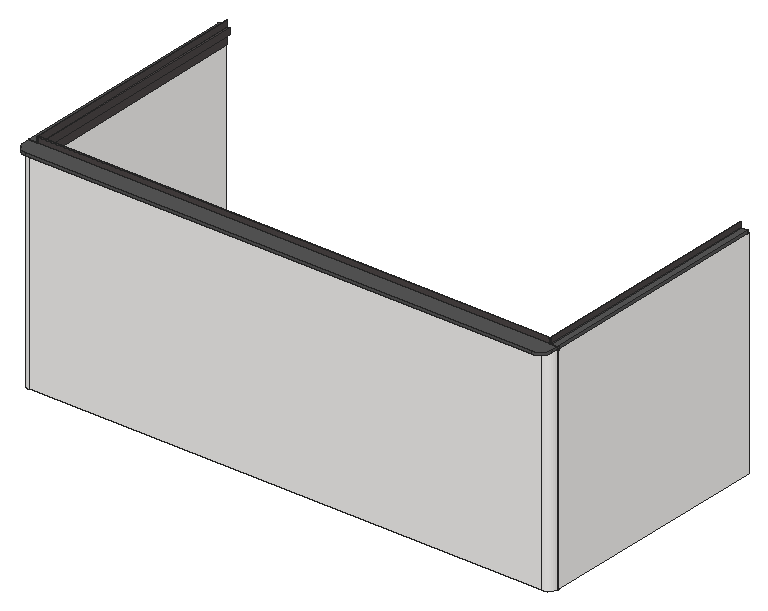
Revit family "vanity unit with 1 drawers for consoles with countertop basin ground", category Furniture, Revit 2019 (continued)
Definition of nested family "vanity unit 980_550 with 1 drawer for consoles with countertop basin ground-54061000-dark walnut-chrome-400_content"
  Parameters (values of type "Vanity unit 980_550 with 1 drawer for consoles with countertop basin ground-54061000-Dark Walnut-CHROME-400_Content")
    etim7_EC011381 = "EC011381"
    WEIGHT = "30.2"
    UNSPSC = "56 | Furniture and Furnishings"
    UNIFORMATII = "E2010 | Fixed Furnishings"
    UNICLASS_2015_CODE = "40_30_78_05"
    UNICLASS2015 = "Pr_40_30_78_05 | Bathroom furniture"
    SURFACE = "CHROME"
    REGIONSET = "Worldwide"
    PRODUCTURL = "https://pro.hansgrohe.com/articledetail--54061000"
    PRODUCTGROUP = "vanity unit"
    PRODUCTFAMILY = "Xelu Q"
    PERMALINK = "54061XXX"
    OMNICLASS = "23-21 19 15 33 13 | Residential Bathroom Specialty Casework"
    OBJECTTYPE = "Object (single object)"
    OBERFLAECHE = "Dark Walnut"
    NN = "Vanity Unit with 1 Drawers for consoles with countertop basin ground"
    NBSYN = "$BASENUMBER.-$ARTNR.-$OBERFLAECHE.-$SURFACE.-$LODLEVEL."
    NB = "Vanity unit 980/550 with 1 drawer for consoles with countertop basin ground-54061000-Dark Walnut-CHROME-400"
    NAME = "Xelu Q Vanity unit Dark Walnut 980/550 with 1 drawer for consoles with countertop basin ground"
    Model = "Vanity unit 980/550 with 1 drawer for consoles with countertop basin ground-54061000-Dark Walnut-CHROME-400"
    Manufacturer = "Hansgrohe"
    MASTERFORMAT = "12 35 30.23 | Bathroom Casework"
    LODLEVEL = "400"
    LINA = "Vanity unit 980/550 with 1 drawer for consoles with countertop basin ground-54061000-Dark Walnut-CHROME-400"
    L = 980
    IFC = "Furnishing element"
    GTINCODE = "4059625456125"
    ETIM = "EC011381 | Bathroom furniture set"
    Default Elevation = 1219.2 mm
    DESIGN = "Germany"
    ContentVisible [instance] = yes
    CATALOG = "Hansgrohe"
    BIMOBJECT = "Sanitary: Compound units"
    BASENUMBER = "Vanity unit 980/550 with 1 drawer for consoles with countertop basin ground"
    ARTNR = "54061000"
  Reference planes
    plane 1 "Center (Front/Back)": y = 0
    plane 2: z = 0
    plane 3 "Center (Left/Right)": x = 0
  Forms (mm)
    Extrusion 1, solid, visible <- "ContentVisible", detail levels medium+fine
      sketch origin (0, 0, 0) x (1, 0, 0) y (0, 1, 0)
        loop
          line (-490, 0) -> (-490, -527)
          arc (-490, -527) -> (-489.121, -529.121) -> (-487, -530) r 3
          line (-487, -530) -> (-474, -530) -> (-474, 0) -> (-490, 0)
      from 0 to 480
    Extrusion 2, solid, visible <- "ContentVisible", detail levels medium+fine
      sketch origin (0, 0, 0) x (1, 0, 0) y (0, 1, 0)
        loop
          line (-474, -133) -> (-474, -499.5) -> (474, -499.5) -> (474, -133) -> (-474, -133)
      from 0 to 16
    Extrusion 3, solid, visible <- "ContentVisible", detail levels medium+fine
      sketch origin (0, 0, 0) x (1, 0, 0) y (0, 1, 0)
        loop
          line (474, 0) -> (474, -530) -> (487, -530)
          arc (487, -530) -> (489.121, -529.121) -> (490, -527) r 3
          line (490, -527) -> (490, 0) -> (474, 0)
      from 0 to 480
    Extrusion 4, solid, visible <- "ContentVisible", detail levels medium+fine
      sketch origin (0, 0, 0) x (1, 0, 0) y (0, 1, 0)
        loop
          line (-474, -117) -> (-474, -133) -> (474, -133) -> (474, -117) -> (-474, -117)
      from 0 to 126
    Extrusion 5, solid, visible <- "ContentVisible", detail levels medium+fine
      sketch origin (0, 0, 2) x (1, 0, 0) y (0, 1, 0)
        loop
          line (-490, -530) -> (-490, -532)
          arc (-490, -532) -> (-484.435, -545.435) -> (-471, -551) r 19
          line (-471, -551) -> (471, -551)
          arc (471, -551) -> (484.435, -545.435) -> (490, -532) r 19
          line (490, -532) -> (490, -530) -> (-490, -530)
      from 0 to 478
    Extrusion 6, solid, visible <- "ContentVisible", detail levels medium+fine
      sketch origin (0, 0, 480) x (1, 0, 0) y (0, 1, 0)
        loop
          line (-488.5, -530) -> (-488.5, -546)
          arc (-488.5, -546) -> (-481.178, -563.678) -> (-463.5, -571) r 25
          line (-463.5, -571) -> (463.5, -571)
          arc (463.5, -571) -> (481.178, -563.678) -> (488.5, -546) r 25
          line (488.5, -546) -> (488.5, -530) -> (468.5, -530) -> (468.5, -528.5) -> (-468.5, -528.5) -> (-468.5, -530) -> (-488.5, -530)
      from 0 to 5
    Extrusion 7, solid, visible <- "ContentVisible", detail levels medium+fine
      sketch origin (0, 0, 0) x (0, 0, -1) y (0, 1, 0)
        loop
          line (-480, -528.5) -> (-480, -530) -> (-450, -530) -> (-450, -528.5) -> (-480, -528.5)
      from -468.5 to 468.5
    Extrusion 8, solid, visible <- "ContentVisible", detail levels medium+fine
      sketch origin (0, 0, 0) x (1, 0, 0) y (0, 0, -1)
        loop
          line (-474, -447) -> (-474, -485) -> (-472.5, -485) -> (-472.5, -447) -> (-474, -447)
      from -530 to 0
    Extrusion 9, solid, visible <- "ContentVisible", detail levels medium+fine
      sketch origin (0, 0, 0) x (1, 0, 0) y (0, 0, -1)
        loop
          line (472.5, -446.8) -> (472.5, -485) -> (474, -485) -> (474, -446.8) -> (472.5, -446.8)
      from -530 to 0
    Extrusion 10, solid, visible <- "ContentVisible", detail levels medium+fine
      sketch origin (0, 0, 480) x (1, 0, 0) y (0, 1, 0)
        loop
          line (-490, -3) -> (-490, -527)
          arc (-490, -527) -> (-489.121, -529.121) -> (-487, -530) r 3
          line (-487, -530) -> (-474, -530) -> (-474, 0) -> (-487, 0)
          arc (-487, 0) -> (-489.121, -0.879) -> (-490, -3) r 3
      from 0 to 5
    Extrusion 11, solid, visible <- "ContentVisible", detail levels medium+fine
      sketch origin (0, 0, 480) x (1, 0, 0) y (0, 1, 0)
        loop
          line (474, 0) -> (474, -530) -> (487, -530)
          arc (487, -530) -> (489.121, -529.121) -> (490, -527) r 3
          line (490, -527) -> (490, -3)
          arc (490, -3) -> (489.121, -0.879) -> (487, 0) r 3
          line (487, 0) -> (474, 0)
      from 0 to 5
    Extrusion 12, solid, visible <- "ContentVisible", detail levels medium+fine
      sketch origin (0, 0, 0) x (1, 0, 0) y (0, 0, -1)
        loop
          line (-472.5, -447) -> (-472.5, -496) -> (-471, -496) -> (-471, -483) -> (-466.4, -483) -> (-466.4, -468.5) -> (-471, -468.5) -> (-471, -447) -> (-472.5, -447)
      from -528.5 to 0
    Extrusion 13, solid, visible <- "ContentVisible", detail levels medium+fine
      sketch origin (0, 0, 0) x (1, 0, 0) y (0, 0, -1)
        loop
          line (466.4, -468.5) -> (466.4, -483) -> (471, -483) -> (471, -496) -> (472.5, -496) -> (472.5, -447) -> (471, -447) -> (471, -468.5) -> (466.4, -468.5)
      from -528.5 to 0
    Extrusion 14, solid, visible <- "ContentVisible", detail levels medium+fine
      sketch origin (0, 0, 0) x (0, 0, -1) y (0, 1, 0)
        loop
          line (-496, -528.5) -> (-447, -528.5) -> (-447, -527) -> (-468.5, -527) -> (-468.5, -522.4) -> (-483, -522.4) -> (-483, -527) -> (-496, -527) -> (-496, -528.5)
      from -472.5 to 472.5
    Extrusion 15, solid, visible <- "ContentVisible", detail levels medium+fine
      sketch origin (0, 0, 0) x (0, 0, -1) y (0, 1, 0)
        loop
          line (-440, -477) -> (-440, -493) -> (-366, -493) -> (-366, -477) -> (-440, -477)
      from -474 to 474
    Extrusion 16, solid, visible <- "ContentVisible", detail levels coarse
      sketch origin (0, -285.5, 0) x (1, 0, 0) y (0, 1, 0)
        loop
          line (-490, -285.5) -> (490, -285.5) -> (490, 285.5) -> (-490, 285.5) -> (-490, -285.5)
      from 0 to 496
  Dimensions and locks
    aligned and locked: level to plane 2
Definition of nested family "vanity unit 980_550 with 1 drawer for consoles with countertop basin ground-54061670-dark walnut-matt_black-200_content"
  Parameters (values of type "Vanity unit 980_550 with 1 drawer for consoles with countertop basin ground-54061670-Dark Walnut-MATT_BLACK-200_Content")
    etim7_EC011381 = "EC011381"
    WEIGHT = "30.2"
    UNSPSC = "56 | Furniture and Furnishings"
    UNIFORMATII = "E2010 | Fixed Furnishings"
    UNICLASS_2015_CODE = "40_30_78_05"
    UNICLASS2015 = "Pr_40_30_78_05 | Bathroom furniture"
    SURFACE = "MATT_BLACK"
    REGIONSET = "Worldwide"
    PRODUCTURL = "https://pro.hansgrohe.com/articledetail--54061000"
    PRODUCTGROUP = "vanity unit"
    PRODUCTFAMILY = "Xelu Q"
    PERMALINK = "54061XXX"
    OMNICLASS = "23-21 19 15 33 13 | Residential Bathroom Specialty Casework"
    OBJECTTYPE = "Object (single object)"
    OBERFLAECHE = "Dark Walnut"
    NN = "Vanity Unit with 1 Drawers for consoles with countertop basin ground"
    NBSYN = "$BASENUMBER.-$ARTNR.-$OBERFLAECHE.-$SURFACE.-$LODLEVEL."
    NB = "Vanity unit 980/550 with 1 drawer for consoles with countertop basin ground-54061670-Dark Walnut-MATT_BLACK-200"
    NAME = "Xelu Q Vanity unit Dark Walnut 980/550 with 1 drawer for consoles with countertop basin ground"
    Model = "Vanity unit 980/550 with 1 drawer for consoles with countertop basin ground-54061670-Dark Walnut-MATT_BLACK-200"
    Manufacturer = "Hansgrohe"
    MASTERFORMAT = "12 35 30.23 | Bathroom Casework"
    LODLEVEL = "200"
    LINA = "Vanity unit 980/550 with 1 drawer for consoles with countertop basin ground-54061670-Dark Walnut-MATT_BLACK-200"
    L = 980
    IFC = "Furnishing element"
    GTINCODE = "4059625456125"
    ETIM = "EC011381 | Bathroom furniture set"
    Default Elevation = 1219.2 mm
    DESIGN = "Germany"
    ContentVisible [instance] = yes
    CATALOG = "Hansgrohe"
    BIMOBJECT = "Sanitary: Compound units"
    BASENUMBER = "Vanity unit 980/550 with 1 drawer for consoles with countertop basin ground"
    ARTNR = "54061670"
  Reference planes
    plane 1 "Center (Front/Back)": y = 0
    plane 2: z = 0
    plane 3 "Center (Left/Right)": x = 0
  Forms (mm)
    Extrusion 1, solid, visible <- "ContentVisible", detail levels medium+fine
      sketch origin (0, 0, 0) x (1, 0, 0) y (0, 1, 0)
        loop
          line (-490, 0) -> (-490, -551) -> (490, -551) -> (490, 0) -> (474, 0) -> (474, -117) -> (-474, -117) -> (-474, 0) -> (-490, 0)
      from 0 to 480
    Extrusion 2, solid, visible <- "ContentVisible", detail levels medium+fine
      sketch origin (0, 0, 480) x (1, 0, 0) y (0, 1, 0)
        loop
          line (-488.5, -528.5) -> (-488.5, -571) -> (488.5, -571) -> (488.5, -528.5) -> (-488.5, -528.5)
      from 0 to 5
    Extrusion 3, solid, visible <- "ContentVisible", detail levels medium+fine
      sketch origin (0, 0, 0) x (1, 0, 0) y (0, 0, -1)
        loop
          line (-474, -447) -> (-474, -485) -> (-472.5, -485) -> (-472.5, -447) -> (-474, -447)
      from -530 to 0
    Extrusion 4, solid, visible <- "ContentVisible", detail levels medium+fine
      sketch origin (0, 0, 0) x (1, 0, 0) y (0, 0, -1)
        loop
          line (472.5, -446.8) -> (472.5, -485) -> (474, -485) -> (474, -446.8) -> (472.5, -446.8)
      from -530 to 0
    Extrusion 5, solid, visible <- "ContentVisible", detail levels medium+fine
      sketch origin (0, 0, 480) x (1, 0, 0) y (0, 1, 0)
        loop
          line (-490, 0) -> (-490, -530) -> (-474, -530) -> (-474, 0) -> (-490, 0)
      from 0 to 5
    Extrusion 6, solid, visible <- "ContentVisible", detail levels medium+fine
      sketch origin (0, 0, 480) x (1, 0, 0) y (0, 1, 0)
        loop
          line (474, 0) -> (474, -530) -> (490, -530) -> (490, 0) -> (474, 0)
      from 0 to 5
    Extrusion 7, solid, visible <- "ContentVisible", detail levels medium+fine
      sketch origin (0, 0, 0) x (1, 0, 0) y (0, 0, -1)
        loop
          line (-472.5, -447) -> (-472.5, -496) -> (-466.4, -496) -> (-466.4, -447) -> (-472.5, -447)
      from -528.5 to 0
    Extrusion 8, solid, visible <- "ContentVisible", detail levels medium+fine
      sketch origin (0, 0, 0) x (1, 0, 0) y (0, 0, -1)
        loop
          line (466.4, -447) -> (466.4, -496) -> (472.5, -496) -> (472.5, -447) -> (466.4, -447)
      from -528.5 to 0
    Extrusion 9, solid, visible <- "ContentVisible", detail levels medium+fine
      sketch origin (0, 0, 0) x (0, 0, -1) y (0, 1, 0)
        loop
          line (-496, -528.5) -> (-447, -528.5) -> (-447, -522.4) -> (-496, -522.4) -> (-496, -528.5)
      from -472.5 to 472.5
    Extrusion 10, solid, visible <- "ContentVisible", detail levels coarse
      sketch origin (0, -285.5, 0) x (1, 0, 0) y (0, 1, 0)
        loop
          line (-490, -285.5) -> (490, -285.5) -> (490, 285.5) -> (-490, 285.5) -> (-490, -285.5)
      from 0 to 496
  Dimensions and locks
    aligned and locked: level to plane 2
Definition of nested family "vanity unit 980_550 with 1 drawer for consoles with countertop basin ground-54061670-dark walnut-matt_black-400_content"
  Parameters (values of type "Vanity unit 980_550 with 1 drawer for consoles with countertop basin ground-54061670-Dark Walnut-MATT_BLACK-400_Content")
    etim7_EC011381 = "EC011381"
    WEIGHT = "30.2"
    UNSPSC = "56 | Furniture and Furnishings"
    UNIFORMATII = "E2010 | Fixed Furnishings"
    UNICLASS_2015_CODE = "40_30_78_05"
    UNICLASS2015 = "Pr_40_30_78_05 | Bathroom furniture"
    SURFACE = "MATT_BLACK"
    REGIONSET = "Worldwide"
    PRODUCTURL = "https://pro.hansgrohe.com/articledetail--54061000"
    PRODUCTGROUP = "vanity unit"
    PRODUCTFAMILY = "Xelu Q"
    PERMALINK = "54061XXX"
    OMNICLASS = "23-21 19 15 33 13 | Residential Bathroom Specialty Casework"
    OBJECTTYPE = "Object (single object)"
    OBERFLAECHE = "Dark Walnut"
    NN = "Vanity Unit with 1 Drawers for consoles with countertop basin ground"
    NBSYN = "$BASENUMBER.-$ARTNR.-$OBERFLAECHE.-$SURFACE.-$LODLEVEL."
    NB = "Vanity unit 980/550 with 1 drawer for consoles with countertop basin ground-54061670-Dark Walnut-MATT_BLACK-400"
    NAME = "Xelu Q Vanity unit Dark Walnut 980/550 with 1 drawer for consoles with countertop basin ground"
    Model = "Vanity unit 980/550 with 1 drawer for consoles with countertop basin ground-54061670-Dark Walnut-MATT_BLACK-400"
    Manufacturer = "Hansgrohe"
    MASTERFORMAT = "12 35 30.23 | Bathroom Casework"
    LODLEVEL = "400"
    LINA = "Vanity unit 980/550 with 1 drawer for consoles with countertop basin ground-54061670-Dark Walnut-MATT_BLACK-400"
    L = 980
    IFC = "Furnishing element"
    GTINCODE = "4059625456125"
    ETIM = "EC011381 | Bathroom furniture set"
    Default Elevation = 1219.2 mm
    DESIGN = "Germany"
    ContentVisible [instance] = yes
    CATALOG = "Hansgrohe"
    BIMOBJECT = "Sanitary: Compound units"
    BASENUMBER = "Vanity unit 980/550 with 1 drawer for consoles with countertop basin ground"
    ARTNR = "54061670"
  Reference planes
    plane 1 "Center (Front/Back)": y = 0
    plane 2: z = 0
    plane 3 "Center (Left/Right)": x = 0
  Forms (mm)
    Extrusion 1, solid, visible <- "ContentVisible", detail levels medium+fine
      sketch origin (0, 0, 0) x (1, 0, 0) y (0, 1, 0)
        loop
          line (-490, 0) -> (-490, -527)
          arc (-490, -527) -> (-489.121, -529.121) -> (-487, -530) r 3
          line (-487, -530) -> (-474, -530) -> (-474, 0) -> (-490, 0)
      from 0 to 480
    Extrusion 2, solid, visible <- "ContentVisible", detail levels medium+fine
      sketch origin (0, 0, 0) x (1, 0, 0) y (0, 1, 0)
        loop
          line (-474, -133) -> (-474, -499.5) -> (474, -499.5) -> (474, -133) -> (-474, -133)
      from 0 to 16
    Extrusion 3, solid, visible <- "ContentVisible", detail levels medium+fine
      sketch origin (0, 0, 0) x (1, 0, 0) y (0, 1, 0)
        loop
          line (474, 0) -> (474, -530) -> (487, -530)
          arc (487, -530) -> (489.121, -529.121) -> (490, -527) r 3
          line (490, -527) -> (490, 0) -> (474, 0)
      from 0 to 480
    Extrusion 4, solid, visible <- "ContentVisible", detail levels medium+fine
      sketch origin (0, 0, 0) x (1, 0, 0) y (0, 1, 0)
        loop
          line (-474, -117) -> (-474, -133) -> (474, -133) -> (474, -117) -> (-474, -117)
      from 0 to 126
    Extrusion 5, solid, visible <- "ContentVisible", detail levels medium+fine
      sketch origin (0, 0, 2) x (1, 0, 0) y (0, 1, 0)
        loop
          line (-490, -530) -> (-490, -532)
          arc (-490, -532) -> (-484.435, -545.435) -> (-471, -551) r 19
          line (-471, -551) -> (471, -551)
          arc (471, -551) -> (484.435, -545.435) -> (490, -532) r 19
          line (490, -532) -> (490, -530) -> (-490, -530)
      from 0 to 478
    Extrusion 6, solid, visible <- "ContentVisible", detail levels medium+fine
      sketch origin (0, 0, 480) x (1, 0, 0) y (0, 1, 0)
        loop
          line (-488.5, -530) -> (-488.5, -546)
          arc (-488.5, -546) -> (-481.178, -563.678) -> (-463.5, -571) r 25
          line (-463.5, -571) -> (463.5, -571)
          arc (463.5, -571) -> (481.178, -563.678) -> (488.5, -546) r 25
          line (488.5, -546) -> (488.5, -530) -> (468.5, -530) -> (468.5, -528.5) -> (-468.5, -528.5) -> (-468.5, -530) -> (-488.5, -530)
      from 0 to 5
    Extrusion 7, solid, visible <- "ContentVisible", detail levels medium+fine
      sketch origin (0, 0, 0) x (0, 0, -1) y (0, 1, 0)
        loop
          line (-480, -528.5) -> (-480, -530) -> (-450, -530) -> (-450, -528.5) -> (-480, -528.5)
      from -468.5 to 468.5
    Extrusion 8, solid, visible <- "ContentVisible", detail levels medium+fine
      sketch origin (0, 0, 0) x (1, 0, 0) y (0, 0, -1)
        loop
          line (-474, -447) -> (-474, -485) -> (-472.5, -485) -> (-472.5, -447) -> (-474, -447)
      from -530 to 0
    Extrusion 9, solid, visible <- "ContentVisible", detail levels medium+fine
      sketch origin (0, 0, 0) x (1, 0, 0) y (0, 0, -1)
        loop
          line (472.5, -446.8) -> (472.5, -485) -> (474, -485) -> (474, -446.8) -> (472.5, -446.8)
      from -530 to 0
    Extrusion 10, solid, visible <- "ContentVisible", detail levels medium+fine
      sketch origin (0, 0, 480) x (1, 0, 0) y (0, 1, 0)
        loop
          line (-490, -3) -> (-490, -527)
          arc (-490, -527) -> (-489.121, -529.121) -> (-487, -530) r 3
          line (-487, -530) -> (-474, -530) -> (-474, 0) -> (-487, 0)
          arc (-487, 0) -> (-489.121, -0.879) -> (-490, -3) r 3
      from 0 to 5
    Extrusion 11, solid, visible <- "ContentVisible", detail levels medium+fine
      sketch origin (0, 0, 480) x (1, 0, 0) y (0, 1, 0)
        loop
          line (474, 0) -> (474, -530) -> (487, -530)
          arc (487, -530) -> (489.121, -529.121) -> (490, -527) r 3
          line (490, -527) -> (490, -3)
          arc (490, -3) -> (489.121, -0.879) -> (487, 0) r 3
          line (487, 0) -> (474, 0)
      from 0 to 5
    Extrusion 12, solid, visible <- "ContentVisible", detail levels medium+fine
      sketch origin (0, 0, 0) x (1, 0, 0) y (0, 0, -1)
        loop
          line (-472.5, -447) -> (-472.5, -496) -> (-471, -496) -> (-471, -483) -> (-466.4, -483) -> (-466.4, -468.5) -> (-471, -468.5) -> (-471, -447) -> (-472.5, -447)
      from -528.5 to 0
    Extrusion 13, solid, visible <- "ContentVisible", detail levels medium+fine
      sketch origin (0, 0, 0) x (1, 0, 0) y (0, 0, -1)
        loop
          line (466.4, -468.5) -> (466.4, -483) -> (471, -483) -> (471, -496) -> (472.5, -496) -> (472.5, -447) -> (471, -447) -> (471, -468.5) -> (466.4, -468.5)
      from -528.5 to 0
    Extrusion 14, solid, visible <- "ContentVisible", detail levels medium+fine
      sketch origin (0, 0, 0) x (0, 0, -1) y (0, 1, 0)
        loop
          line (-496, -528.5) -> (-447, -528.5) -> (-447, -527) -> (-468.5, -527) -> (-468.5, -522.4) -> (-483, -522.4) -> (-483, -527) -> (-496, -527) -> (-496, -528.5)
      from -472.5 to 472.5
    Extrusion 15, solid, visible <- "ContentVisible", detail levels medium+fine
      sketch origin (0, 0, 0) x (0, 0, -1) y (0, 1, 0)
        loop
          line (-440, -477) -> (-440, -493) -> (-366, -493) -> (-366, -477) -> (-440, -477)
      from -474 to 474
    Extrusion 16, solid, visible <- "ContentVisible", detail levels coarse
      sketch origin (0, -285.5, 0) x (1, 0, 0) y (0, 1, 0)
        loop
          line (-490, -285.5) -> (490, -285.5) -> (490, 285.5) -> (-490, 285.5) -> (-490, -285.5)
      from 0 to 496
  Dimensions and locks
    aligned and locked: level to plane 2
Definition of nested family "vanity unit 980_550 with 1 drawer for consoles with countertop basin ground-54061700-dark walnut-matt_white-200_content"
  Parameters (values of type "Vanity unit 980_550 with 1 drawer for consoles with countertop basin ground-54061700-Dark Walnut-MATT_WHITE-200_Content")
    etim7_EC011381 = "EC011381"
    WEIGHT = "30.2"
    UNSPSC = "56 | Furniture and Furnishings"
    UNIFORMATII = "E2010 | Fixed Furnishings"
    UNICLASS_2015_CODE = "40_30_78_05"
    UNICLASS2015 = "Pr_40_30_78_05 | Bathroom furniture"
    SURFACE = "MATT_WHITE"
    REGIONSET = "Worldwide"
    PRODUCTURL = "https://pro.hansgrohe.com/articledetail--54061000"
    PRODUCTGROUP = "vanity unit"
    PRODUCTFAMILY = "Xelu Q"
    PERMALINK = "54061XXX"
    OMNICLASS = "23-21 19 15 33 13 | Residential Bathroom Specialty Casework"
    OBJECTTYPE = "Object (single object)"
    OBERFLAECHE = "Dark Walnut"
    NN = "Vanity Unit with 1 Drawers for consoles with countertop basin ground"
    NBSYN = "$BASENUMBER.-$ARTNR.-$OBERFLAECHE.-$SURFACE.-$LODLEVEL."
    NB = "Vanity unit 980/550 with 1 drawer for consoles with countertop basin ground-54061700-Dark Walnut-MATT_WHITE-200"
    NAME = "Xelu Q Vanity unit Dark Walnut 980/550 with 1 drawer for consoles with countertop basin ground"
    Model = "Vanity unit 980/550 with 1 drawer for consoles with countertop basin ground-54061700-Dark Walnut-MATT_WHITE-200"
    Manufacturer = "Hansgrohe"
    MASTERFORMAT = "12 35 30.23 | Bathroom Casework"
    LODLEVEL = "200"
    LINA = "Vanity unit 980/550 with 1 drawer for consoles with countertop basin ground-54061700-Dark Walnut-MATT_WHITE-200"
    L = 980
    IFC = "Furnishing element"
    GTINCODE = "4059625456125"
    ETIM = "EC011381 | Bathroom furniture set"
    Default Elevation = 1219.2 mm
    DESIGN = "Germany"
    ContentVisible [instance] = yes
    CATALOG = "Hansgrohe"
    BIMOBJECT = "Sanitary: Compound units"
    BASENUMBER = "Vanity unit 980/550 with 1 drawer for consoles with countertop basin ground"
    ARTNR = "54061700"
  Reference planes
    plane 1 "Center (Front/Back)": y = 0
    plane 2: z = 0
    plane 3 "Center (Left/Right)": x = 0
  Forms (mm)
    Extrusion 1, solid, visible <- "ContentVisible", detail levels medium+fine
      sketch origin (0, 0, 0) x (1, 0, 0) y (0, 1, 0)
        loop
          line (-490, 0) -> (-490, -551) -> (490, -551) -> (490, 0) -> (474, 0) -> (474, -117) -> (-474, -117) -> (-474, 0) -> (-490, 0)
      from 0 to 480
    Extrusion 2, solid, visible <- "ContentVisible", detail levels medium+fine
      sketch origin (0, 0, 480) x (1, 0, 0) y (0, 1, 0)
        loop
          line (-488.5, -528.5) -> (-488.5, -571) -> (488.5, -571) -> (488.5, -528.5) -> (-488.5, -528.5)
      from 0 to 5
    Extrusion 3, solid, visible <- "ContentVisible", detail levels medium+fine
      sketch origin (0, 0, 0) x (1, 0, 0) y (0, 0, -1)
        loop
          line (-474, -447) -> (-474, -485) -> (-472.5, -485) -> (-472.5, -447) -> (-474, -447)
      from -530 to 0
    Extrusion 4, solid, visible <- "ContentVisible", detail levels medium+fine
      sketch origin (0, 0, 0) x (1, 0, 0) y (0, 0, -1)
        loop
          line (472.5, -446.8) -> (472.5, -485) -> (474, -485) -> (474, -446.8) -> (472.5, -446.8)
      from -530 to 0
    Extrusion 5, solid, visible <- "ContentVisible", detail levels medium+fine
      sketch origin (0, 0, 480) x (1, 0, 0) y (0, 1, 0)
        loop
          line (-490, 0) -> (-490, -530) -> (-474, -530) -> (-474, 0) -> (-490, 0)
      from 0 to 5
    Extrusion 6, solid, visible <- "ContentVisible", detail levels medium+fine
      sketch origin (0, 0, 480) x (1, 0, 0) y (0, 1, 0)
        loop
          line (474, 0) -> (474, -530) -> (490, -530) -> (490, 0) -> (474, 0)
      from 0 to 5
    Extrusion 7, solid, visible <- "ContentVisible", detail levels medium+fine
      sketch origin (0, 0, 0) x (1, 0, 0) y (0, 0, -1)
        loop
          line (-472.5, -447) -> (-472.5, -496) -> (-466.4, -496) -> (-466.4, -447) -> (-472.5, -447)
      from -528.5 to 0
    Extrusion 8, solid, visible <- "ContentVisible", detail levels medium+fine
      sketch origin (0, 0, 0) x (1, 0, 0) y (0, 0, -1)
        loop
          line (466.4, -447) -> (466.4, -496) -> (472.5, -496) -> (472.5, -447) -> (466.4, -447)
      from -528.5 to 0
    Extrusion 9, solid, visible <- "ContentVisible", detail levels medium+fine
      sketch origin (0, 0, 0) x (0, 0, -1) y (0, 1, 0)
        loop
          line (-496, -528.5) -> (-447, -528.5) -> (-447, -522.4) -> (-496, -522.4) -> (-496, -528.5)
      from -472.5 to 472.5
    Extrusion 10, solid, visible <- "ContentVisible", detail levels coarse
      sketch origin (0, -285.5, 0) x (1, 0, 0) y (0, 1, 0)
        loop
          line (-490, -285.5) -> (490, -285.5) -> (490, 285.5) -> (-490, 285.5) -> (-490, -285.5)
      from 0 to 496
  Dimensions and locks
    aligned and locked: level to plane 2
Definition of nested family "vanity unit 980_550 with 1 drawer for consoles with countertop basin ground-54061700-dark walnut-matt_white-400_content"
  Parameters (values of type "Vanity unit 980_550 with 1 drawer for consoles with countertop basin ground-54061700-Dark Walnut-MATT_WHITE-400_Content")
    etim7_EC011381 = "EC011381"
    WEIGHT = "30.2"
    UNSPSC = "56 | Furniture and Furnishings"
    UNIFORMATII = "E2010 | Fixed Furnishings"
    UNICLASS_2015_CODE = "40_30_78_05"
    UNICLASS2015 = "Pr_40_30_78_05 | Bathroom furniture"
    SURFACE = "MATT_WHITE"
    REGIONSET = "Worldwide"
    PRODUCTURL = "https://pro.hansgrohe.com/articledetail--54061000"
    PRODUCTGROUP = "vanity unit"
    PRODUCTFAMILY = "Xelu Q"
    PERMALINK = "54061XXX"
    OMNICLASS = "23-21 19 15 33 13 | Residential Bathroom Specialty Casework"
    OBJECTTYPE = "Object (single object)"
    OBERFLAECHE = "Dark Walnut"
    NN = "Vanity Unit with 1 Drawers for consoles with countertop basin ground"
    NBSYN = "$BASENUMBER.-$ARTNR.-$OBERFLAECHE.-$SURFACE.-$LODLEVEL."
    NB = "Vanity unit 980/550 with 1 drawer for consoles with countertop basin ground-54061700-Dark Walnut-MATT_WHITE-400"
    NAME = "Xelu Q Vanity unit Dark Walnut 980/550 with 1 drawer for consoles with countertop basin ground"
    Model = "Vanity unit 980/550 with 1 drawer for consoles with countertop basin ground-54061700-Dark Walnut-MATT_WHITE-400"
    Manufacturer = "Hansgrohe"
    MASTERFORMAT = "12 35 30.23 | Bathroom Casework"
    LODLEVEL = "400"
    LINA = "Vanity unit 980/550 with 1 drawer for consoles with countertop basin ground-54061700-Dark Walnut-MATT_WHITE-400"
    L = 980
    IFC = "Furnishing element"
    GTINCODE = "4059625456125"
    ETIM = "EC011381 | Bathroom furniture set"
    Default Elevation = 1219.2 mm
    DESIGN = "Germany"
    ContentVisible [instance] = yes
    CATALOG = "Hansgrohe"
    BIMOBJECT = "Sanitary: Compound units"
    BASENUMBER = "Vanity unit 980/550 with 1 drawer for consoles with countertop basin ground"
    ARTNR = "54061700"
  Reference planes
    plane 1 "Center (Front/Back)": y = 0
    plane 2: z = 0
    plane 3 "Center (Left/Right)": x = 0
  Forms (mm)
    Extrusion 1, solid, visible <- "ContentVisible", detail levels medium+fine
      sketch origin (0, 0, 0) x (1, 0, 0) y (0, 1, 0)
        loop
          line (-490, 0) -> (-490, -527)
          arc (-490, -527) -> (-489.121, -529.121) -> (-487, -530) r 3
          line (-487, -530) -> (-474, -530) -> (-474, 0) -> (-490, 0)
      from 0 to 480
    Extrusion 2, solid, visible <- "ContentVisible", detail levels medium+fine
      sketch origin (0, 0, 0) x (1, 0, 0) y (0, 1, 0)
        loop
          line (-474, -133) -> (-474, -499.5) -> (474, -499.5) -> (474, -133) -> (-474, -133)
      from 0 to 16
    Extrusion 3, solid, visible <- "ContentVisible", detail levels medium+fine
      sketch origin (0, 0, 0) x (1, 0, 0) y (0, 1, 0)
        loop
          line (474, 0) -> (474, -530) -> (487, -530)
          arc (487, -530) -> (489.121, -529.121) -> (490, -527) r 3
          line (490, -527) -> (490, 0) -> (474, 0)
      from 0 to 480
    Extrusion 4, solid, visible <- "ContentVisible", detail levels medium+fine
      sketch origin (0, 0, 0) x (1, 0, 0) y (0, 1, 0)
        loop
          line (-474, -117) -> (-474, -133) -> (474, -133) -> (474, -117) -> (-474, -117)
      from 0 to 126
    Extrusion 5, solid, visible <- "ContentVisible", detail levels medium+fine
      sketch origin (0, 0, 2) x (1, 0, 0) y (0, 1, 0)
        loop
          line (-490, -530) -> (-490, -532)
          arc (-490, -532) -> (-484.435, -545.435) -> (-471, -551) r 19
          line (-471, -551) -> (471, -551)
          arc (471, -551) -> (484.435, -545.435) -> (490, -532) r 19
          line (490, -532) -> (490, -530) -> (-490, -530)
      from 0 to 478
    Extrusion 6, solid, visible <- "ContentVisible", detail levels medium+fine
      sketch origin (0, 0, 480) x (1, 0, 0) y (0, 1, 0)
        loop
          line (-488.5, -530) -> (-488.5, -546)
          arc (-488.5, -546) -> (-481.178, -563.678) -> (-463.5, -571) r 25
          line (-463.5, -571) -> (463.5, -571)
          arc (463.5, -571) -> (481.178, -563.678) -> (488.5, -546) r 25
          line (488.5, -546) -> (488.5, -530) -> (468.5, -530) -> (468.5, -528.5) -> (-468.5, -528.5) -> (-468.5, -530) -> (-488.5, -530)
      from 0 to 5
    Extrusion 7, solid, visible <- "ContentVisible", detail levels medium+fine
      sketch origin (0, 0, 0) x (0, 0, -1) y (0, 1, 0)
        loop
          line (-480, -528.5) -> (-480, -530) -> (-450, -530) -> (-450, -528.5) -> (-480, -528.5)
      from -468.5 to 468.5
    Extrusion 8, solid, visible <- "ContentVisible", detail levels medium+fine
      sketch origin (0, 0, 0) x (1, 0, 0) y (0, 0, -1)
        loop
          line (-474, -447) -> (-474, -485) -> (-472.5, -485) -> (-472.5, -447) -> (-474, -447)
      from -530 to 0
    Extrusion 9, solid, visible <- "ContentVisible", detail levels medium+fine
      sketch origin (0, 0, 0) x (1, 0, 0) y (0, 0, -1)
        loop
          line (472.5, -446.8) -> (472.5, -485) -> (474, -485) -> (474, -446.8) -> (472.5, -446.8)
      from -530 to 0
    Extrusion 10, solid, visible <- "ContentVisible", detail levels medium+fine
      sketch origin (0, 0, 480) x (1, 0, 0) y (0, 1, 0)
        loop
          line (-490, -3) -> (-490, -527)
          arc (-490, -527) -> (-489.121, -529.121) -> (-487, -530) r 3
          line (-487, -530) -> (-474, -530) -> (-474, 0) -> (-487, 0)
          arc (-487, 0) -> (-489.121, -0.879) -> (-490, -3) r 3
      from 0 to 5
    Extrusion 11, solid, visible <- "ContentVisible", detail levels medium+fine
      sketch origin (0, 0, 480) x (1, 0, 0) y (0, 1, 0)
        loop
          line (474, 0) -> (474, -530) -> (487, -530)
          arc (487, -530) -> (489.121, -529.121) -> (490, -527) r 3
          line (490, -527) -> (490, -3)
          arc (490, -3) -> (489.121, -0.879) -> (487, 0) r 3
          line (487, 0) -> (474, 0)
      from 0 to 5
    Extrusion 12, solid, visible <- "ContentVisible", detail levels medium+fine
      sketch origin (0, 0, 0) x (1, 0, 0) y (0, 0, -1)
        loop
          line (-472.5, -447) -> (-472.5, -496) -> (-471, -496) -> (-471, -483) -> (-466.4, -483) -> (-466.4, -468.5) -> (-471, -468.5) -> (-471, -447) -> (-472.5, -447)
      from -528.5 to 0
    Extrusion 13, solid, visible <- "ContentVisible", detail levels medium+fine
      sketch origin (0, 0, 0) x (1, 0, 0) y (0, 0, -1)
        loop
          line (466.4, -468.5) -> (466.4, -483) -> (471, -483) -> (471, -496) -> (472.5, -496) -> (472.5, -447) -> (471, -447) -> (471, -468.5) -> (466.4, -468.5)
      from -528.5 to 0
    Extrusion 14, solid, visible <- "ContentVisible", detail levels medium+fine
      sketch origin (0, 0, 0) x (0, 0, -1) y (0, 1, 0)
        loop
          line (-496, -528.5) -> (-447, -528.5) -> (-447, -527) -> (-468.5, -527) -> (-468.5, -522.4) -> (-483, -522.4) -> (-483, -527) -> (-496, -527) -> (-496, -528.5)
      from -472.5 to 472.5
    Extrusion 15, solid, visible <- "ContentVisible", detail levels medium+fine
      sketch origin (0, 0, 0) x (0, 0, -1) y (0, 1, 0)
        loop
          line (-440, -477) -> (-440, -493) -> (-366, -493) -> (-366, -477) -> (-440, -477)
      from -474 to 474
    Extrusion 16, solid, visible <- "ContentVisible", detail levels coarse
      sketch origin (0, -285.5, 0) x (1, 0, 0) y (0, 1, 0)
        loop
          line (-490, -285.5) -> (490, -285.5) -> (490, 285.5) -> (-490, 285.5) -> (-490, -285.5)
      from 0 to 496
  Dimensions and locks
    aligned and locked: level to plane 2
Types (72, lengths in mm): name | WEIGHT | Vanity unit 980_550 with 1 drawer for consoles with countertop basin ground-54061700-Dark Walnut-MATT_WHITE-400_RX0RY0RZ0TX0TY0TZ0_V | Vanity unit 980_550 with 1 drawer for consoles with countertop basin ground-54061700-Dark Walnut-MATT_WHITE-200_RX0RY0RZ0TX0TY0TZ0_V | Vanity unit 980_550 with 1 drawer for consoles with countertop basin ground-54061670-Dark Walnut-MATT_BLACK-400_RX0RY0RZ0TX0TY0TZ0_V | Vanity unit 980_550 with 1 drawer for consoles with countertop basin ground-54061670-Dark Walnut-MATT_BLACK-200_RX0RY0RZ0TX0TY0TZ0_V | Vanity unit 980_550 with 1 drawer for consoles with countertop basin ground-54061000-Dark Walnut-CHROME-400_RX0RY0RZ0TX0TY0TZ0_V | Vanity unit 980_550 with 1 drawer for consoles with countertop basin ground-54061000-Dark Walnut-CHROME-200_RX0RY0RZ0TX0TY0TZ0_V | Vanity unit 980_550 with 1 drawer for consoles with countertop basin ground-54060700-Natural Oak-MATT_WHITE-400_RX0RY0RZ0TX0TY0TZ0_V | Vanity unit 980_550 with 1 drawer for consoles with countertop basin ground-54060700-Natural Oak-MATT_WHITE-200_RX0RY0RZ0TX0TY0TZ0_V | Vanity unit 980_550 with 1 drawer for consoles with countertop basin ground-54060670-Natural Oak-MATT_BLACK-400_RX0RY0RZ0TX0TY0TZ0_V | Vanity unit 980_550 with 1 drawer for consoles with countertop basin ground-54060670-Natural Oak-MATT_BLACK-200_RX0RY0RZ0TX0TY0TZ0_V | Vanity unit 980_550 with 1 drawer for consoles with countertop basin ground-54060000-Natural Oak-CHROME-400_RX0RY0RZ0TX0TY0TZ0_V | Vanity unit 980_550 with 1 drawer for consoles with countertop basin ground-54060000-Natural Oak-CHROME-200_RX0RY0RZ0TX0TY0TZ0_V | Vanity unit 980_550 with 1 drawer for consoles with countertop basin ground-54059700-Diamond Matt Grey-MATT_WHITE-400_RX0RY0RZ0TX0TY0TZ0_V | Vanity unit 980_550 with 1 drawer for consoles with countertop basin ground-54059700-Diamond Matt Grey-MATT_WHITE-200_RX0RY0RZ0TX0TY0TZ0_V | Vanity unit 980_550 with 1 drawer for consoles with countertop basin ground-54059670-Diamond Matt Grey-MATT_BLACK-400_RX0RY0RZ0TX0TY0TZ0_V | Vanity unit 980_550 with 1 drawer for consoles with countertop basin ground-54059670-Diamond Matt Grey-MATT_BLACK-200_RX0RY0RZ0TX0TY0TZ0_V | Vanity unit 980_550 with 1 drawer for consoles with countertop basin ground-54059000-Diamond Matt Grey-CHROME-400_RX0RY0RZ0TX0TY0TZ0_V | Vanity unit 980_550 with 1 drawer for consoles with countertop basin ground-54059000-Diamond Matt Grey-CHROME-200_RX0RY0RZ0TX0TY0TZ0_V | Vanity unit 980_550 with 1 drawer for consoles with countertop basin ground-54058700-High Gloss White-MATT_WHITE-400_RX0RY0RZ0TX0TY0TZ0_V | Vanity unit 980_550 with 1 drawer for consoles with countertop basin ground-54058700-High Gloss White-MATT_WHITE-200_RX0RY0RZ0TX0TY0TZ0_V | Vanity unit 980_550 with 1 drawer for consoles with countertop basin ground-54058670-High Gloss White-MATT_BLACK-400_RX0RY0RZ0TX0TY0TZ0_V | Vanity unit 980_550 with 1 drawer for consoles with countertop basin ground-54058670-High Gloss White-MATT_BLACK-200_RX0RY0RZ0TX0TY0TZ0_V | Vanity unit 980_550 with 1 drawer for consoles with countertop basin ground-54058000-High Gloss White-CHROME-400_RX0RY0RZ0TX0TY0TZ0_V | Vanity unit 980_550 with 1 drawer for consoles with countertop basin ground-54058000-High Gloss White-CHROME-200_RX0RY0RZ0TX0TY0TZ0_V | Vanity unit 780_550 with 1 drawer for consoles with countertop basin ground-54057700-Dark Walnut-MATT_WHITE-400_RX0RY0RZ0TX0TY0TZ0_V | Vanity unit 780_550 with 1 drawer for consoles with countertop basin ground-54057700-Dark Walnut-MATT_WHITE-200_RX0RY0RZ0TX0TY0TZ0_V | Vanity unit 780_550 with 1 drawer for consoles with countertop basin ground-54057670-Dark Walnut-MATT_BLACK-400_RX0RY0RZ0TX0TY0TZ0_V | Vanity unit 780_550 with 1 drawer for consoles with countertop basin ground-54057670-Dark Walnut-MATT_BLACK-200_RX0RY0RZ0TX0TY0TZ0_V | Vanity unit 780_550 with 1 drawer for consoles with countertop basin ground-54057000-Dark Walnut-CHROME-400_RX0RY0RZ0TX0TY0TZ0_V | Vanity unit 780_550 with 1 drawer for consoles with countertop basin ground-54057000-Dark Walnut-CHROME-200_RX0RY0RZ0TX0TY0TZ0_V | Vanity unit 780_550 with 1 drawer for consoles with countertop basin ground-54056700-Natural Oak-MATT_WHITE-400_RX0RY0RZ0TX0TY0TZ0_V | Vanity unit 780_550 with 1 drawer for consoles with countertop basin ground-54056700-Natural Oak-MATT_WHITE-200_RX0RY0RZ0TX0TY0TZ0_V | Vanity unit 780_550 with 1 drawer for consoles with countertop basin ground-54056670-Natural Oak-MATT_BLACK-400_RX0RY0RZ0TX0TY0TZ0_V | Vanity unit 780_550 with 1 drawer for consoles with countertop basin ground-54056670-Natural Oak-MATT_BLACK-200_RX0RY0RZ0TX0TY0TZ0_V | Vanity unit 780_550 with 1 drawer for consoles with countertop basin ground-54056000-Natural Oak-CHROME-400_RX0RY0RZ0TX0TY0TZ0_V | Vanity unit 780_550 with 1 drawer for consoles with countertop basin ground-54056000-Natural Oak-CHROME-200_RX0RY0RZ0TX0TY0TZ0_V | Vanity unit 780_550 with 1 drawer for consoles with countertop basin ground-54055700-Diamond Matt Grey-MATT_WHITE-400_RX0RY0RZ0TX0TY0TZ0_V | Vanity unit 780_550 with 1 drawer for consoles with countertop basin ground-54055700-Diamond Matt Grey-MATT_WHITE-200_RX0RY0RZ0TX0TY0TZ0_V | Vanity unit 780_550 with 1 drawer for consoles with countertop basin ground-54055670-Diamond Matt Grey-MATT_BLACK-400_RX0RY0RZ0TX0TY0TZ0_V | Vanity unit 780_550 with 1 drawer for consoles with countertop basin ground-54055670-Diamond Matt Grey-MATT_BLACK-200_RX0RY0RZ0TX0TY0TZ0_V | Vanity unit 780_550 with 1 drawer for consoles with countertop basin ground-54055000-Diamond Matt Grey-CHROME-400_RX0RY0RZ0TX0TY0TZ0_V | Vanity unit 780_550 with 1 drawer for consoles with countertop basin ground-54055000-Diamond Matt Grey-CHROME-200_RX0RY0RZ0TX0TY0TZ0_V | Vanity unit 780_550 with 1 drawer for consoles with countertop basin ground-54054700-High Gloss White-MATT_WHITE-400_RX0RY0RZ0TX0TY0TZ0_V | Vanity unit 780_550 with 1 drawer for consoles with countertop basin ground-54054700-High Gloss White-MATT_WHITE-200_RX0RY0RZ0TX0TY0TZ0_V | Vanity unit 780_550 with 1 drawer for consoles with countertop basin ground-54054670-High Gloss White-MATT_BLACK-400_RX0RY0RZ0TX0TY0TZ0_V | Vanity unit 780_550 with 1 drawer for consoles with countertop basin ground-54054670-High Gloss White-MATT_BLACK-200_RX0RY0RZ0TX0TY0TZ0_V | Vanity unit 780_550 with 1 drawer for consoles with countertop basin ground-54054000-High Gloss White-CHROME-400_RX0RY0RZ0TX0TY0TZ0_V | Vanity unit 780_550 with 1 drawer for consoles with countertop basin ground-54054000-High Gloss White-CHROME-200_RX0RY0RZ0TX0TY0TZ0_V | Vanity unit 1180_550 with 1 drawer for consoles with countertop basin ground-54065700-Dark Walnut-MATT_WHITE-400_RX0RY0RZ0TX0TY0TZ0_V | Vanity unit 1180_550 with 1 drawer for consoles with countertop basin ground-54065700-Dark Walnut-MATT_WHITE-200_RX0RY0RZ0TX0TY0TZ0_V | Vanity unit 1180_550 with 1 drawer for consoles with countertop basin ground-54065670-Dark Walnut-MATT_BLACK-400_RX0RY0RZ0TX0TY0TZ0_V | Vanity unit 1180_550 with 1 drawer for consoles with countertop basin ground-54065670-Dark Walnut-MATT_BLACK-200_RX0RY0RZ0TX0TY0TZ0_V | Vanity unit 1180_550 with 1 drawer for consoles with countertop basin ground-54065000-Dark Walnut-CHROME-400_RX0RY0RZ0TX0TY0TZ0_V | Vanity unit 1180_550 with 1 drawer for consoles with countertop basin ground-54065000-Dark Walnut-CHROME-200_RX0RY0RZ0TX0TY0TZ0_V | Vanity unit 1180_550 with 1 drawer for consoles with countertop basin ground-54064700-Natural Oak-MATT_WHITE-400_RX0RY0RZ0TX0TY0TZ0_V | Vanity unit 1180_550 with 1 drawer for consoles with countertop basin ground-54064700-Natural Oak-MATT_WHITE-200_RX0RY0RZ0TX0TY0TZ0_V | Vanity unit 1180_550 with 1 drawer for consoles with countertop basin ground-54064670-Natural Oak-MATT_BLACK-400_RX0RY0RZ0TX0TY0TZ0_V | Vanity unit 1180_550 with 1 drawer for consoles with countertop basin ground-54064670-Natural Oak-MATT_BLACK-200_RX0RY0RZ0TX0TY0TZ0_V | Vanity unit 1180_550 with 1 drawer for consoles with coun
  tertop basin ground-54064000-Natural Oak-CHROME-400_RX0RY0RZ0TX0TY0TZ0_V | Vanity unit 1180_550 with 1 drawer for consoles with countertop basin ground-54064000-Natural Oak-CHROME-200_RX0RY0RZ0TX0TY0TZ0_V | Vanity unit 1180_550 with 1 drawer for consoles with countertop basin ground-54063700-Diamond Matt Grey-MATT_WHITE-400_RX0RY0RZ0TX0TY0TZ0_V | Vanity unit 1180_550 with 1 drawer for consoles with countertop basin ground-54063700-Diamond Matt Grey-MATT_WHITE-200_RX0RY0RZ0TX0TY0TZ0_V | Vanity unit 1180_550 with 1 drawer for consoles with countertop basin ground-54063670-Diamond Matt Grey-MATT_BLACK-400_RX0RY0RZ0TX0TY0TZ0_V | Vanity unit 1180_550 with 1 drawer for consoles with countertop basin ground-54063670-Diamond Matt Grey-MATT_BLACK-200_RX0RY0RZ0TX0TY0TZ0_V | Vanity unit 1180_550 with 1 drawer for consoles with countertop basin ground-54063000-Diamond Matt Grey-CHROME-400_RX0RY0RZ0TX0TY0TZ0_V | Vanity unit 1180_550 with 1 drawer for consoles with countertop basin ground-54063000-Diamond Matt Grey-CHROME-200_RX0RY0RZ0TX0TY0TZ0_V | Vanity unit 1180_550 with 1 drawer for consoles with countertop basin ground-54062700-High Gloss White-MATT_WHITE-400_RX0RY0RZ0TX0TY0TZ0_V | Vanity unit 1180_550 with 1 drawer for consoles with countertop basin ground-54062700-High Gloss White-MATT_WHITE-200_RX0RY0RZ0TX0TY0TZ0_V | Vanity unit 1180_550 with 1 drawer for consoles with countertop basin ground-54062670-High Gloss White-MATT_BLACK-400_RX0RY0RZ0TX0TY0TZ0_V | Vanity unit 1180_550 with 1 drawer for consoles with countertop basin ground-54062670-High Gloss White-MATT_BLACK-200_RX0RY0RZ0TX0TY0TZ0_V | Vanity unit 1180_550 with 1 drawer for consoles with countertop basin ground-54062000-High Gloss White-CHROME-400_RX0RY0RZ0TX0TY0TZ0_V | Vanity unit 1180_550 with 1 drawer for consoles with countertop basin ground-54062000-High Gloss White-CHROME-200_RX0RY0RZ0TX0TY0TZ0_V | SURFACE | SPECIFICATION | REGIONSET | PRODUCTURL | PERMALINK | OBERFLAECHE | NB | NAME | Model | MIdent | LODLEVEL | LINA | L | GTINCODE | BASENUMBER | ARTNR
  Vanity unit 1180_550 with 1 drawer for consoles with countertop basin ground-54062000-High Gloss White-CHROME-200 | "34.3" | no | no | no | no | no | no | no | no | no | no | no | no | no | no | no | no | no | no | no | no | no | no | no | no | no | no | no | no | no | no | no | no | no | no | no | no | no | no | no | no | no | no | no | no | no | no | no | no | no | no | no | no | no | no | no | no | no | no | no | no | no | no | no | no | no | no | no | no | no | no | no | yes | "CHROME" | "" | "Worldwide" | "https://pro.hansgrohe.com/articledetail--54062000" | "54062XXX" | "High Gloss White" | "Vanity unit 1180/550 with 1 drawer for consoles with countertop basin ground-54062000-High Gloss White-CHROME-200" | "Xelu Q Vanity unit High Gloss White 1180/550 with 1 drawer for consoles with countertop basin ground" | "Vanity unit 1180/550 with 1 drawer for consoles with countertop basin ground-54062000-High Gloss White-CHROME-200" | "{$CADENAS_DATA/23d-libs/hansgrohe/xelu_furniture/vanity_unit_with_1_drawer_for_consoles_countertop/vanityunit_1_drawers_for_consoles_countertop.prj},437 {VTYP=3D},{NB=Vanity unit 1180/550 with 1 drawer for consoles with countertop basin ground-54062000-High Gloss White-CHROME-200},{LINA=Vanity unit 1180/550 with 1 drawer for consoles with countertop basin ground-54062000-High Gloss White-CHROME-200},{NN=Vanity Unit with 1 Drawers for consoles with countertop basin ground},{DATE=13.03.2023 03:04:52},{GEOMDATE=08.03.2023 14:00:04},{VERSION=},{LINEID=260},{WBVAR=LODLEVEL},{WBNUMERIC=}  {NB=Vanity unit 1180/550 with 1 drawer for consoles with countertop basin ground-54062000-High Gloss White-CHROME-200},{LINA=Vanity unit 1180/550 with 1 drawer for consoles with countertop basin ground-54062000-High Gloss White-CHROME-200},{KT=DUMMY},{IDNR=26},{ARTNR=54062000},{BASENUMBER=Vanity unit 1180/550 with 1 drawer for consoles with countertop basin ground},{MODEL=54062XXX},{OBERFLAECHE=High Gloss White},{SURFACE=CHROME},{L=1180},{LODLEVEL=200},{LODLEVELX='400','400','200','200'},{NAME=Xelu Q Vanity unit High Gloss White 1180/550 with 1 drawer for consoles with countertop basin ground},{PERMALINK=54062XXX},{OBJECTTYPE=Object (single object)},{BIMOBJECT=Sanitary: Compound units},{PRODUCTFAMILY=Xelu Q},{PRODUCTGROUP=vanity unit},{WEIGHT=34.3},{DESCRIPTION=Xelu Q Vanity unit High Gloss White 1180/550 with 1 drawer for consoles with countertop basin ground},{SPECIFICATION=},{PRODUCTURL=https://pro.hansgrohe.com/articledetail--54062000},{GTINCODE=4059625456095},{TENDERURL=},{IFC=Furnishing element},{ETIM=EC011381 | Bathroom furniture set},{UNICLASS2015=Pr_40_30_78_05 | Bathroom furniture},{OMNICLASS=23-21 19 15 33 13 | Residential Bathroom Specialty Casework},{MASTERFORMAT=12 35 30.23 | Bathroom Casework},{UNSPSC=56 | Furniture and Furnishings},{UNIFORMATII=E2010 | Fixed Furnishings},{REGIONSET=Worldwide},{DESIGN=Germany},{MANUFACTURER=Germany}" | "200" | "Vanity unit 1180/550 with 1 drawer for consoles with countertop basin ground-54062000-High Gloss White-CHROME-200" | 1180 | "4059625456095" | "Vanity unit 1180/550 with 1 drawer for consoles with countertop basin ground" | "54062000"
  Vanity unit 1180_550 with 1 drawer for consoles with countertop basin ground-54062000-High Gloss White-CHROME-400 | "34.3" | no | no | no | no | no | no | no | no | no | no | no | no | no | no | no | no | no | no | no | no | no | no | no | no | no | no | no | no | no | no | no | no | no | no | no | no | no | no | no | no | no | no | no | no | no | no | no | no | no | no | no | no | no | no | no | no | no | no | no | no | no | no | no | no | no | no | no | no | no | no | yes | no | "CHROME" | "" | "Worldwide" | "https://pro.hansgrohe.com/articledetail--54062000" | "54062XXX" | "High Gloss White" | "Vanity unit 1180/550 with 1 drawer for consoles with countertop basin ground-54062000-High Gloss White-CHROME-400" | "Xelu Q Vanity unit High Gloss White 1180/550 with 1 drawer for consoles with countertop basin ground" | "Vanity unit 1180/550 with 1 drawer for consoles with countertop basin ground-54062000-High Gloss White-CHROME-400" | "{$CADENAS_DATA/23d-libs/hansgrohe/xelu_furniture/vanity_unit_with_1_drawer_for_consoles_countertop/vanityunit_1_drawers_for_consoles_countertop.prj},437 {VTYP=3D},{NB=Vanity unit 1180/550 with 1 drawer for consoles with countertop basin ground-54062000-High Gloss White-CHROME-400},{LINA=Vanity unit 1180/550 with 1 drawer for consoles with countertop basin ground-54062000-High Gloss White-CHROME-400},{NN=Vanity Unit with 1 Drawers for consoles with countertop basin ground},{DATE=13.03.2023 03:04:52},{GEOMDATE=08.03.2023 14:00:04},{VERSION=},{LINEID=260},{WBVAR=LODLEVEL},{WBNUMERIC=}  {NB=Vanity unit 1180/550 with 1 drawer for consoles with countertop basin ground-54062000-High Gloss White-CHROME-400},{LINA=Vanity unit 1180/550 with 1 drawer for consoles with countertop basin ground-54062000-High Gloss White-CHROME-400},{KT=DUMMY},{IDNR=26},{ARTNR=54062000},{BASENUMBER=Vanity unit 1180/550 with 1 drawer for consoles with countertop basin ground},{MODEL=54062XXX},{OBERFLAECHE=High Gloss White},{SURFACE=CHROME},{L=1180},{LODLEVEL=400},{LODLEVELX='400','400','200','200'},{NAME=Xelu Q Vanity unit High Gloss White 1180/550 with 1 drawer for consoles with countertop basin ground},{PERMALINK=54062XXX},{OBJECTTYPE=Object (single object)},{BIMOBJECT=Sanitary: Compound units},{PRODUCTFAMILY=Xelu Q},{PRODUCTGROUP=vanity unit},{WEIGHT=34.3},{DESCRIPTION=Xelu Q Vanity unit High Gloss White 1180/550 with 1 drawer for consoles with countertop basin ground},{SPECIFICATION=},{PRODUCTURL=https://pro.hansgrohe.com/articledetail--54062000},{GTINCODE=4059625456095},{TENDERURL=},{IFC=Furnishing element},{ETIM=EC011381 | Bathroom furniture set},{UNICLASS2015=Pr_40_30_78_05 | Bathroom furniture},{OMNICLASS=23-21 19 15 33 13 | Residential Bathroom Specialty Casework},{MASTERFORMAT=12 35 30.23 | Bathroom Casework},{UNSPSC=56 | Furniture and Furnishings},{UNIFORMATII=E2010 | Fixed Furnishings},{REGIONSET=Worldwide},{DESIGN=Germany},{MANUFACTURER=Germany}" | "400" | "Vanity unit 1180/550 with 1 drawer for consoles with countertop basin ground-54062000-High Gloss White-CHROME-400" | 1180 | "4059625456095" | "Vanity unit 1180/550 with 1 drawer for consoles with countertop basin ground" | "54062000"
  Vanity unit 1180_550 with 1 drawer for consoles with countertop basin ground-54062670-High Gloss White-MATT_BLACK-200 | "34.3" | no | no | no | no | no | no | no | no | no | no | no | no | no | no | no | no | no | no | no | no | no | no | no | no | no | no | no | no | no | no | no | no | no | no | no | no | no | no | no | no | no | no | no | no | no | no | no | no | no | no | no | no | no | no | no | no | no | no | no | no | no | no | no | no | no | no | no | no | no | yes | no | no | "MATT_BLACK" | "" | "Worldwide" | "https://pro.hansgrohe.com/articledetail--54062000" | "54062XXX" | "High Gloss White" | "Vanity unit 1180/550 with 1 drawer for consoles with countertop basin ground-54062670-High Gloss White-MATT_BLACK-200" | "Xelu Q Vanity unit High Gloss White 1180/550 with 1 drawer for consoles with countertop basin ground" | "Vanity unit 1180/550 with 1 drawer for consoles with countertop basin ground-54062670-High Gloss White-MATT_BLACK-200" | "{$CADENAS_DATA/23d-libs/hansgrohe/xelu_furniture/vanity_unit_with_1_drawer_for_consoles_countertop/vanityunit_1_drawers_for_consoles_countertop.prj},445 {VTYP=3D},{NB=Vanity unit 1180/550 with 1 drawer for consoles with countertop basin ground-54062670-High Gloss White-MATT_BLACK-200},{LINA=Vanity unit 1180/550 with 1 drawer for consoles with countertop basin ground-54062670-High Gloss White-MATT_BLACK-200},{NN=Vanity Unit with 1 Drawers for consoles with countertop basin ground},{DATE=13.03.2023 03:04:52},{GEOMDATE=08.03.2023 14:00:04},{VERSION=},{LINEID=250},{WBVAR=LODLEVEL},{WBNUMERIC=}  {NB=Vanity unit 1180/550 with 1 drawer for consoles with countertop basin ground-54062670-High Gloss White-MATT_BLACK-200},{LINA=Vanity unit 1180/550 with 1 drawer for consoles with countertop basin ground-54062670-High Gloss White-MATT_BLACK-200},{KT=DUMMY},{IDNR=25},{ARTNR=54062670},{BASENUMBER=Vanity unit 1180/550 with 1 drawer for consoles with countertop basin ground},{MODEL=54062XXX},{OBERFLAECHE=High Gloss White},{SURFACE=MATT_BLACK},{L=1180},{LODLEVEL=200},{LODLEVELX='400','400','200','200'},{NAME=Xelu Q Vanity unit High Gloss White 1180/550 with 1 drawer for consoles with countertop basin ground},{PERMALINK=54062XXX},{OBJECTTYPE=Object (single object)},{BIMOBJECT=Sanitary: Compound units},{PRODUCTFAMILY=Xelu Q},{PRODUCTGROUP=vanity unit},{WEIGHT=34.3},{DESCRIPTION=Xelu Q Vanity unit High Gloss White 1180/550 with 1 drawer for consoles with countertop basin ground},{SPECIFICATION=},{PRODUCTURL=https://pro.hansgrohe.com/articledetail--54062000},{GTINCODE=4059625456095},{TENDERURL=},{IFC=Furnishing element},{ETIM=EC011381 | Bathroom furniture set},{UNICLASS2015=Pr_40_30_78_05 | Bathroom furniture},{OMNICLASS=23-21 19 15 33 13 | Residential Bathroom Specialty Casework},{MASTERFORMAT=12 35 30.23 | Bathroom Casework},{UNSPSC=56 | Furniture and Furnishings},{UNIFORMATII=E2010 | Fixed Furnishings},{REGIONSET=Worldwide},{DESIGN=Germany},{MANUFACTURER=Germany}" | "200" | "Vanity unit 1180/550 with 1 drawer for consoles with countertop basin ground-54062670-High Gloss White-MATT_BLACK-200" | 1180 | "4059625456095" | "Vanity unit 1180/550 with 1 drawer for consoles with countertop basin ground" | "54062670"
  Vanity unit 1180_550 with 1 drawer for consoles with countertop basin ground-54062670-High Gloss White-MATT_BLACK-400 | "34.3" | no | no | no | no | no | no | no | no | no | no | no | no | no | no | no | no | no | no | no | no | no | no | no | no | no | no | no | no | no | no | no | no | no | no | no | no | no | no | no | no | no | no | no | no | no | no | no | no | no | no | no | no | no | no | no | no | no | no | no | no | no | no | no | no | no | no | no | no | yes | no | no | no | "MATT_BLACK" | "" | "Worldwide" | "https://pro.hansgrohe.com/articledetail--54062000" | "54062XXX" | "High Gloss White" | "Vanity unit 1180/550 with 1 drawer for consoles with countertop basin ground-54062670-High Gloss White-MATT_BLACK-400" | "Xelu Q Vanity unit High Gloss White 1180/550 with 1 drawer for consoles with countertop basin ground" | "Vanity unit 1180/550 with 1 drawer for consoles with countertop basin ground-54062670-High Gloss White-MATT_BLACK-400" | "{$CADENAS_DATA/23d-libs/hansgrohe/xelu_furniture/vanity_unit_with_1_drawer_for_consoles_countertop/vanityunit_1_drawers_for_consoles_countertop.prj},445 {VTYP=3D},{NB=Vanity unit 1180/550 with 1 drawer for consoles with countertop basin ground-54062670-High Gloss White-MATT_BLACK-400},{LINA=Vanity unit 1180/550 with 1 drawer for consoles with countertop basin ground-54062670-High Gloss White-MATT_BLACK-400},{NN=Vanity Unit with 1 Drawers for consoles with countertop basin ground},{DATE=13.03.2023 03:04:52},{GEOMDATE=08.03.2023 14:00:04},{VERSION=},{LINEID=250},{WBVAR=LODLEVEL},{WBNUMERIC=}  {NB=Vanity unit 1180/550 with 1 drawer for consoles with countertop basin ground-54062670-High Gloss White-MATT_BLACK-400},{LINA=Vanity unit 1180/550 with 1 drawer for consoles with countertop basin ground-54062670-High Gloss White-MATT_BLACK-400},{KT=DUMMY},{IDNR=25},{ARTNR=54062670},{BASENUMBER=Vanity unit 1180/550 with 1 drawer for consoles with countertop basin ground},{MODEL=54062XXX},{OBERFLAECHE=High Gloss White},{SURFACE=MATT_BLACK},{L=1180},{LODLEVEL=400},{LODLEVELX='400','400','200','200'},{NAME=Xelu Q Vanity unit High Gloss White 1180/550 with 1 drawer for consoles with countertop basin ground},{PERMALINK=54062XXX},{OBJECTTYPE=Object (single object)},{BIMOBJECT=Sanitary: Compound units},{PRODUCTFAMILY=Xelu Q},{PRODUCTGROUP=vanity unit},{WEIGHT=34.3},{DESCRIPTION=Xelu Q Vanity unit High Gloss White 1180/550 with 1 drawer for consoles with countertop basin ground},{SPECIFICATION=},{PRODUCTURL=https://pro.hansgrohe.com/articledetail--54062000},{GTINCODE=4059625456095},{TENDERURL=},{IFC=Furnishing element},{ETIM=EC011381 | Bathroom furniture set},{UNICLASS2015=Pr_40_30_78_05 | Bathroom furniture},{OMNICLASS=23-21 19 15 33 13 | Residential Bathroom Specialty Casework},{MASTERFORMAT=12 35 30.23 | Bathroom Casework},{UNSPSC=56 | Furniture and Furnishings},{UNIFORMATII=E2010 | Fixed Furnishings},{REGIONSET=Worldwide},{DESIGN=Germany},{MANUFACTURER=Germany}" | "400" | "Vanity unit 1180/550 with 1 drawer for consoles with countertop basin ground-54062670-High Gloss White-MATT_BLACK-400" | 1180 | "4059625456095" | "Vanity unit 1180/550 with 1 drawer for consoles with countertop basin ground" | "54062670"
  Vanity unit 1180_550 with 1 drawer for consoles with countertop basin ground-54062700-High Gloss White-MATT_WHITE-200 | "34.3" | no | no | no | no | no | no | no | no | no | no | no | no | no | no | no | no | no | no | no | no | no | no | no | no | no | no | no | no | no | no | no | no | no | no | no | no | no | no | no | no | no | no | no | no | no | no | no | no | no | no | no | no | no | no | no | no | no | no | no | no | no | no | no | no | no | no | no | yes | no | no | no | no | "MATT_WHITE" | "" | "Worldwide" | "https://pro.hansgrohe.com/articledetail--54062000" | "54062XXX" | "High Gloss White" | "Vanity unit 1180/550 with 1 drawer for consoles with countertop basin ground-54062700-High Gloss White-MATT_WHITE-200" | "Xelu Q Vanity unit High Gloss White 1180/550 with 1 drawer for consoles with countertop basin ground" | "Vanity unit 1180/550 with 1 drawer for consoles with countertop basin ground-54062700-High Gloss White-MATT_WHITE-200" | "{$CADENAS_DATA/23d-libs/hansgrohe/xelu_furniture/vanity_unit_with_1_drawer_for_consoles_countertop/vanityunit_1_drawers_for_consoles_countertop.prj},445 {VTYP=3D},{NB=Vanity unit 1180/550 with 1 drawer for consoles with countertop basin ground-54062700-High Gloss White-MATT_WHITE-200},{LINA=Vanity unit 1180/550 with 1 drawer for consoles with countertop basin ground-54062700-High Gloss White-MATT_WHITE-200},{NN=Vanity Unit with 1 Drawers for consoles with countertop basin ground},{DATE=13.03.2023 03:04:52},{GEOMDATE=08.03.2023 14:00:04},{VERSION=},{LINEID=270},{WBVAR=LODLEVEL},{WBNUMERIC=}  {NB=Vanity unit 1180/550 with 1 drawer for consoles with countertop basin ground-54062700-High Gloss White-MATT_WHITE-200},{LINA=Vanity unit 1180/550 with 1 drawer for consoles with countertop basin ground-54062700-High Gloss White-MATT_WHITE-200},{KT=DUMMY},{IDNR=27},{ARTNR=54062700},{BASENUMBER=Vanity unit 1180/550 with 1 drawer for consoles with countertop basin ground},{MODEL=54062XXX},{OBERFLAECHE=High Gloss White},{SURFACE=MATT_WHITE},{L=1180},{LODLEVEL=200},{LODLEVELX='400','400','200','200'},{NAME=Xelu Q Vanity unit High Gloss White 1180/550 with 1 drawer for consoles with countertop basin ground},{PERMALINK=54062XXX},{OBJECTTYPE=Object (single object)},{BIMOBJECT=Sanitary: Compound units},{PRODUCTFAMILY=Xelu Q},{PRODUCTGROUP=vanity unit},{WEIGHT=34.3},{DESCRIPTION=Xelu Q Vanity unit High Gloss White 1180/550 with 1 drawer for consoles with countertop basin ground},{SPECIFICATION=},{PRODUCTURL=https://pro.hansgrohe.com/articledetail--54062000},{GTINCODE=4059625456095},{TENDERURL=},{IFC=Furnishing element},{ETIM=EC011381 | Bathroom furniture set},{UNICLASS2015=Pr_40_30_78_05 | Bathroom furniture},{OMNICLASS=23-21 19 15 33 13 | Residential Bathroom Specialty Casework},{MASTERFORMAT=12 35 30.23 | Bathroom Casework},{UNSPSC=56 | Furniture and Furnishings},{UNIFORMATII=E2010 | Fixed Furnishings},{REGIONSET=Worldwide},{DESIGN=Germany},{MANUFACTURER=Germany}" | "200" | "Vanity unit 1180/550 with 1 drawer for consoles with countertop basin ground-54062700-High Gloss White-MATT_WHITE-200" | 1180 | "4059625456095" | "Vanity unit 1180/550 with 1 drawer for consoles with countertop basin ground" | "54062700"
